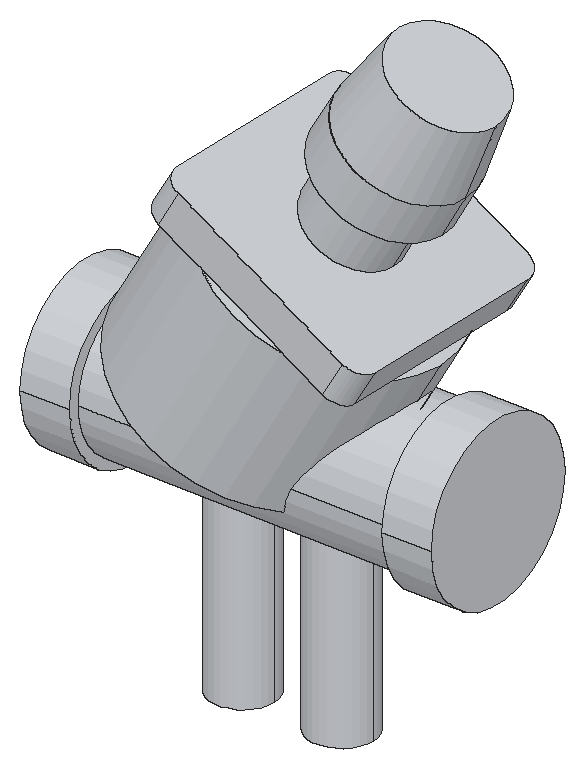
Revit family "OPTIMA_Compact_Plus_MM_DN25_5,5_RFA_2019", category Pipe Accessories, Revit 2019
Family settings
  Round Connector Dimension = Use Diameter
  Part Type = Valve - Breaks Into
  Work Plane-Based = No
  Always vertical = Yes
  Cut with Voids When Loaded = No
  Shared = No
Parameters (values of type "OPTIMA Compact Plus DN25 M-M 5.5mm")
  magiProductId = "30c02b6104a34c7a9c49bd2b7417bc"
  magiProductFamilyId = "3f7bf62c6d3e4202b9bf465282540d"
  magiPartTypeId = 304
  isMeasuringValve [instance] = no
  ang2D [instance] = 0.00°
  Z = 0 mm
  X = 13 mm
  W2D = 32 mm
  VersionID = "2.0/2018.8.28.1/FRESE_OPTIMA-COMPACT-MM_001"
  Use Minimum Symbol Size [instance] = yes
  URL = "www.hydronic.cz"
  Type Comments = "vnější závit; PN25; 0~120°C, s měřením"
  R9 = 8 mm
  R8 = 14 mm
  R7 = 17 mm
  R6 = 12 mm
  R5 = 5 mm
  R4 = 29 mm
  R3 = 31.5 mm
  R2 = 18.5 mm
  R1 = 21 mm
  QmdConnectorList = "301;D;302;D"
  Productdata [instance] = ""
  PLG0 = yes
  Manufacturer = "Hydronic Systems Prague s.r.o."
  MC Product Code = "53-1332  (5/4\" M-M; 5.5mm; Qmin-dpmin 600l/h-17.3kPa; Qmax-dpmin 3609l/h-23.0kPa; dpmax 800kPa)"
  MC Piping Given Pressure Drop [instance] = 0.0 Pa
  LL = 52 mm
  L3 = 12.5 mm
  L2D_Min = 3048 mm
  L2D = 104 mm
  L2 = 79.04 mm
  L1__ve = -L1  # -12.48 mm
  L1 = 12.48 mm
  H6__ve = -H6  # -63 mm
  H6 = 63 mm
  H5 = 20 mm
  H4 = 12 mm
  H3 = 16 mm
  H2 = 10 mm
  H1 = 43 mm
  Description = "Tlakově nezávislý 2-cestný regulační vyvažovací ventil (PICV)"
  D = 25 mm
  A = 30.00°
Types (8, lengths in mm): name | magiProductId | Z | X | R4 | R3 | R2 | R1 | MC Product Code | LL | L3 | L2 | L1__ve | L1 | H6__ve | H6 | H5 | H3 | H2 | H1 | D
  OPTIMA Compact Plus DN32 M-M 5.5mm | "ffa5e363716249e69711c5a01860df" | 1 | 13 | 29 | 31.5 | 22 | 24 | "53-1333  (6/4\" M-M; 5.5mm; Qmin-dpmin 550l/h-17.9kPa; Qmax-dpmin 4001l/h-28.0kPa; dpmax 800kPa)" | 52 | 12.5 | 79.04 | -12.48 | 12.48 | -66 | 66 | 20 | 16 | 10 | 46 | 32
  OPTIMA Compact Plus DN15 M-M 2.5mm | "744f5c1a8b784a0caf7e95e8856504" | 0 | 7 | 19 | 19 | 12 | 13 | "53-1324  (3/4\" M-M; 2.5mm; Qmin-dpmin 100l/h-14.9kPa; Qmax-dpmin 575l/h-18.5kPa; dpmax 800kPa)" | 32.5 | 11 | 49.4 | -7.8 | 7.8 | -55 | 55 | 20 | 18 | 8 | 26 | 15
  OPTIMA Compact Plus DN15 M-M 5.0mm | "cc68fe6008154c3392e26a3dfeb2d1" | 0 | 7 | 19 | 19 | 12 | 13 | "53-1325  (3/4\" M-M; 5.0mm; Qmin-dpmin 220l/h-16.0kPa; Qmax-dpmin 1330l/h-21.6kPa; dpmax 800kPa)" | 32.5 | 11 | 49.4 | -7.8 | 7.8 | -55 | 55 | 20 | 18 | 8 | 26 | 15
  OPTIMA Compact Plus DN20 M-M 5.0mm | "af4b706c92c34122b2cf0a056ee45d" | 0 | 10 | 19 | 19 | 13.5 | 16.5 | "53-1328  (1\" M-M; 5.0mm; Qmin-dpmin 220l/h-16.0kPa; Qmax-dpmin 1330l/h-21.6kPa; dpmax 800kPa)" | 35 | 11 | 53.2 | -8.4 | 8.4 | -58.5 | 58.5 | 20 | 18 | 8 | 26 | 20
  OPTIMA Compact Plus DN20 M-M 5.5mm | "3e0f5dc7d8ae4d97894bd6f679fd3a" | 0 | 10 | 19 | 19 | 13.5 | 16.5 | "53-1331  (1\" M-M; 5.5mm; Qmin-dpmin 300l/h-17.8kPa; Qmax-dpmin 1800l/h-40.0kPa; dpmax 800kPa)" | 35 | 11 | 53.2 | -8.4 | 8.4 | -58.5 | 58.5 | 20 | 18 | 8 | 26 | 20
  OPTIMA Compact Plus DN25 M-M 5.5mm | "30c02b6104a34c7a9c49bd2b7417bc" | 0 | 13 | 29 | 31.5 | 18.5 | 21 | "53-1332  (5/4\" M-M; 5.5mm; Qmin-dpmin 600l/h-17.3kPa; Qmax-dpmin 3609l/h-23.0kPa; dpmax 800kPa)" | 52 | 12.5 | 79.04 | -12.48 | 12.48 | -63 | 63 | 20 | 16 | 10 | 43 | 25
  OPTIMA Compact Plus DN10 M-M 2.5mm | "273b30465bdd4e038d4ed21de5046f" | 0 | 7 | 19 | 19 | 9 | 10.5 | "53-1320  (1/2\" M-M; 2.5mm; Qmin-dpmin 30l/h-14.3kPa; Qmax-dpmin 200l/h-15.8kPa; dpmax 800kPa)" | 32.5 | 11 | 49.4 | -7.8 | 7.8 | -52.5 | 52.5 | 17 | 18 | 8 | 30 | 10
  OPTIMA Compact Plus DN10 M-M 5.0mm | "05e83065d4b14c0ea9b5a56fcd5d4f" | 0 | 7 | 19 | 19 | 9 | 10.5 | "53-1329  (1/2\" M-M; 5.0mm; Qmin-dpmin 65l/h-14.6kPa; Qmax-dpmin 370l/h-17.2kPa; dpmax 800kPa)" | 32.5 | 11 | 49.4 | -7.8 | 7.8 | -52.5 | 52.5 | 17 | 18 | 8 | 30 | 10
Reference planes
  plane 1 "Center (Front/Back)": y = 0
  plane 2 "XYPLANE": z = 0
  plane 3 "Center (Left/Right)": x = 0
  plane 4 "267": x = 12.5
  plane 5 "266": x = -12.5
  plane 6 "252": through (-599.019, 0, 462.469) normal (0.5, 0, 0.866)
  plane 7 "250": through (-609.019, 0, 445.148) normal (0.5, 0, 0.866)
  plane 8 "248": through (-615.019, 0, 434.756) normal (0.5, 0, 0.866)
  plane 9 "245": through (-623.019, 0, 420.899) normal (0.5, 0, 0.866)
  plane 10 "241": through (338.627, 0, 670.519) normal (0.866, 0, -0.5)
  plane 11 "240": through (388.856, 0, 641.519) normal (0.866, 0, -0.5)
  plane 12 "239": y = -29
  plane 13 "238": y = 29
  plane 14 "237": through (-628.019, 0, 412.239) normal (0.5, 0, 0.866)
  plane 15 "235": through (-649.519, 0, 375) normal (0.5, 0, 0.866)
  plane 16 "231": y = 0
  plane 17 "230": through (363.742, 0, 656.019) normal (0.866, 0, -0.5)
  plane 18 "211": x = -39.52
  plane 19 "204": x = 52
  plane 20 "203": x = -52
  plane 21 "202": x = 0
  plane 22 "201": z = 0
  plane 23 "200": y = 0
  plane 24 "227XY": through (-649.519, 0, 375) normal (0.5, 0, 0.866)
  plane 25 "227XZ": y = 0
  plane 26 "227YZ": through (375, 0, 649.519) normal (0.866, 0, -0.5)
Forms (mm)
  Extrusion 1, solid, visible <- "PLG0"
    sketch origin (-750, 0, 0) x (1, 0, 0) y (0, 1, 0)
      loop
        circle (762.5, 0) r 8
    from 0 to -63 <- "H6__ve"
  Extrusion 2, solid, visible <- "PLG0"
    sketch origin (-750, 0, 0) x (1, 0, 0) y (0, 1, 0)
      loop
        circle (737.5, 0) r 8
    from 0 to -63 <- "H6__ve"
  Blend 3, solid
    base sketch origin (-609.019, 0, 445.148) x (0.866025, 0, -0.5) y (0, 1, 0)
      loop
        circle (737, 0) r 17
    top sketch origin (-609.019, 0, 445.148) x (0.866025, 0, -0.5) y (0, 1, 0)
      loop
        circle (737, 0) r 14
    from 0 to 20
  Extrusion 4, solid
    sketch origin (-615.019, 0, 434.756) x (0.866025, 0, -0.5) y (0, 1, 0)
      loop
        circle (737, 0) r 17
    from 0 to 12 <- "H4"
  Extrusion 5, solid
    sketch origin (-623.019, 0, 420.899) x (0.866025, 0, -0.5) y (0, 1, 0)
      loop
        circle (737, 0) r 12
    from 0 to 16 <- "H3"
  Extrusion 6, solid
    sketch origin (-628.019, 0, 412.239) x (0.866025, 0, -0.5) y (0, 1, 0)
      loop
        arc (713, 29) -> (709.464, 27.536) -> (708, 24) r 5
        line (708, 24) -> (708, -24)
        arc (708, -24) -> (709.464, -27.536) -> (713, -29) r 5
        line (713, -29) -> (761, -29)
        arc (761, -29) -> (764.536, -27.536) -> (766, -24) r 5
        line (766, -24) -> (766, 24)
        arc (766, 24) -> (764.536, 27.536) -> (761, 29) r 5
        line (761, 29) -> (713, 29)
    from 0 to 10 <- "H2"
  Extrusion 7, solid
    sketch origin (-649.519, 0, 375) x (0.866025, 0, -0.5) y (0, 1, 0)
      loop
        circle (737, 0) r 31.5
    from 0 to 43 <- "H1"
  Extrusion 8, solid
    sketch origin (-39.52, -750, 0) x (0, 1, 0) y (0, 0, 1)
      loop
        circle (750, 0) r 18.5
    from 0 to 79.04 <- "L2"
  Extrusion 9, solid
    sketch origin (52, -750, 0) x (0, 1, 0) y (0, 0, 1)
      loop
        circle (750, 0) r 21
    from 0 to -12.48 <- "L1__ve"
  Extrusion 10, solid
    sketch origin (-52, -750, 0) x (0, 1, 0) y (0, 0, 1)
      loop
        circle (750, 0) r 21
    from 0 to 12.48 <- "L1"
  Extrusion 11, solid, not visible
    sketch origin (52, -750, 0) x (0, 1, 0) y (0, 0, 1)
      loop
        circle (750, 0) r 10
    from 0 to -10
  Extrusion 12, solid, not visible
    sketch origin (-52, -750, 0) x (0, 1, 0) y (0, 0, 1)
      loop
        circle (750, 0) r 10
    from 0 to 10
Lines and regions (mm)
  reference lines, not visible
    curve 1: circle (2, 2, 0) r 1 normal (0, 0, 1)
Text (mm)
  text "© Progman Oy, all rights reserved" at (-472.209, -2482.653, 0), in view "Ref. Level"
Dimensions and locks
  plane 1 "Center (Front/Back)" to curve 1 = 2 mm
  "L3": plane 3 "Center (Left/Right)" to plane 4 "267"
  "L3": plane 3 "Center (Left/Right)" to plane 5 "266"
  "H5": plane 7 "250" to plane 6 "252"
  "H4": plane 8 "248" to plane 7 "250"
  "H3": plane 9 "245" to plane 8 "248"
  "H2": plane 14 "237" to plane 9 "245"
  "R4": plane 17 "230" to plane 10 "241"
  "R4": plane 17 "230" to plane 11 "240"
  "R4": plane 23 "200" to plane 12 "239"
  "R4": plane 23 "200" to plane 13 "238"
  "H1": plane 15 "235" to plane 14 "237"
  "Z": plane 24 "227XY" to plane 15 "235"
  locked: plane 23 "200" to plane 16 "231"
  "X": plane 26 "227YZ" to plane 17 "230"
  "L1": plane 20 "203" to plane 18 "211"
  "LL": plane 3 "Center (Left/Right)" to plane 19 "204"
  "LL": plane 3 "Center (Left/Right)" to plane 20 "203"
  locked: plane 3 "Center (Left/Right)" to plane 21 "202"
  locked: plane 2 "XYPLANE" to plane 22 "201"
  locked: plane 1 "Center (Front/Back)" to plane 23 "200"
  Extrusion 6 sketch curve to Extrusion 6 sketch curve = 0 mm  (x16)
  "R9": radius of Extrusion 1 sketch curve
  "R9": radius of Extrusion 2 sketch curve
  "R8": radius of Blend 3 sketch curve
  "R7": radius of Blend 3 sketch curve
  "R7": radius of Extrusion 4 sketch curve
  "R6": radius of Extrusion 5 sketch curve
  "R5": radius of Extrusion 6 sketch curve  (x4)
  "R3": radius of Extrusion 7 sketch curve
  "R2": radius of Extrusion 8 sketch curve
  "R1": radius of Extrusion 9 sketch curve
  "R1": radius of Extrusion 10 sketch curve
  aligned and locked: level to plane 2 "XYPLANE"
  aligned and locked: plane 4 "267" to Extrusion 1 sketch curve
  aligned and locked: plane 23 "200" to Extrusion 1 sketch curve
  aligned and locked: plane 5 "266" to Extrusion 2 sketch curve
  aligned and locked: plane 23 "200" to Extrusion 2 sketch curve
  aligned and locked: plane 16 "231" to Blend 3 sketch curve  (x2)
  aligned and locked: Blend 3 sketch curve to plane 17 "230"  (x2)
  aligned and locked: plane 6 "252" to Blend 3
  aligned and locked: plane 16 "231" to Extrusion 4 sketch curve
  aligned and locked: Extrusion 4 sketch curve to plane 17 "230"
  aligned and locked: plane 16 "231" to Extrusion 5 sketch curve
  aligned and locked: Extrusion 5 sketch curve to plane 17 "230"
  aligned and locked: Extrusion 6 sketch curve to plane 10 "241"
  aligned and locked: Extrusion 6 sketch curve to plane 12 "239"
  aligned and locked: Extrusion 6 sketch curve to plane 11 "240"
  aligned and locked: plane 13 "238" to Extrusion 6 sketch curve
  aligned and locked: plane 16 "231" to Extrusion 7 sketch curve
  aligned and locked: Extrusion 7 sketch curve to plane 17 "230"
  aligned and locked: plane 22 "201" to Extrusion 8 sketch curve
  aligned and locked: Extrusion 8 sketch curve to plane 23 "200"
  aligned and locked: plane 22 "201" to Extrusion 9 sketch curve
  aligned and locked: Extrusion 9 sketch curve to plane 23 "200"
  aligned and locked: plane 22 "201" to Extrusion 10 sketch curve
  aligned and locked: Extrusion 10 sketch curve to plane 23 "200"
  aligned and locked: plane 22 "201" to Extrusion 11 sketch curve
  aligned and locked: Extrusion 11 sketch curve to plane 23 "200"
  aligned and locked: plane 22 "201" to Extrusion 12 sketch curve
  aligned and locked: Extrusion 12 sketch curve to plane 23 "200"
Automatic sketch dimensions
  plane 1 "Center (Front/Back)" to Extrusion 11 sketch curve = 10 mm
  plane 1 "Center (Front/Back)" to Extrusion 12 sketch curve = 10 mm
  plane 3 "Center (Left/Right)" to curve 1 = 2 mm
  radius of curve 1 = 1 mm
Connectors
  piping at (-52, 0, 0), diameter 25, driven by "D"
    settings: on Extrusion 12, index 1, connector inside diameter 609.6 mm, connector length 0 mm, flow factor 0, pipe flow 0.0 L/s, pressure drop 0.0 Pa, fitting loss kfactor 0, connector angle 0.00°, fixture units 0, engagement length 0 mm, angle of deflection 0.00°, flow configuration 0, flow direction 0, fitting loss method 0, system type 29, joint type 0, gender type 0, connector reference index 2, connector utility 0, adjustable connector no, is connector primary yes, connector description ""
  piping at (52, 0, 0), diameter 25, driven by "D"
    settings: on Extrusion 11, index 2, connector inside diameter 609.6 mm, connector length 0 mm, flow factor 0, pipe flow 0.0 L/s, pressure drop 0.0 Pa, fitting loss kfactor 0, connector angle 0.00°, fixture units 0, engagement length 0 mm, angle of deflection 0.00°, flow configuration 0, flow direction 0, fitting loss method 0, system type 29, joint type 0, gender type 0, connector reference index 1, connector utility 0, adjustable connector no, is connector primary no, connector description ""
